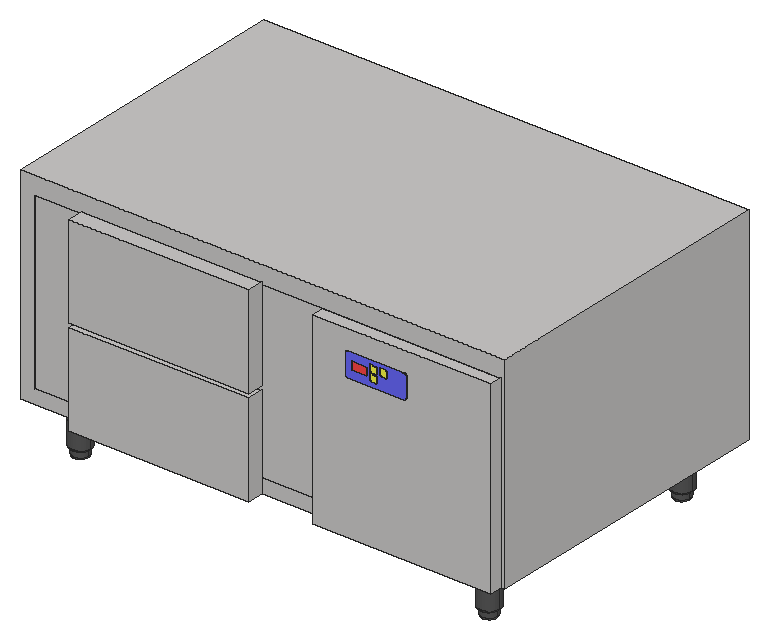
Revit family "QF_CAPIC_REF_W293115", category Equipement spécialisé, Revit 2018
Family settings
  Cote de connecteur circulaire = Utiliser le diamètre
  Type d'élément = Normal
  Numéro OmniClass = 23.40.40.14
  Titre OmniClass = Food Service Equipment
  Basée sur le plan de construction = Non
  Toujours verticalement = Oui
  Couper avec des vides une fois chargée = Non
  Partagée = Non
  Point de calcul de pièce = Non
Parameters (values of type "L=1200mm")
  URL catalogue = "http://www.capic-fr.com/fr/"
  Type de Raccord Plomberie [instance] = ""
  Type de Raccord Electrique [instance] = "Bornier interne"
  Type de Gaz = ""
  Type article [instance] = ""
  Tension = 230 V
  Spécification du Fabricant = ""
  Show Logo = yes
  Remarques evacuation [instance] = "ecoulement condensat sour le meuble"
  Remarques Plomberie [instance] = ""
  Remarques Electricité [instance] = "230V x1 +T"
  Puissance électrique  = 580 W
  Puissance Gaz kW = 0
  Profondeur hors tout = 755 mm
  Pression Maximum Eau Adoucie = 0.0 Pa
  Poids net à vide = 150.00 kg
  Phase = 1
  Modèle = "W293115"
  Longueur hors tout = 1200 mm
  Intensité nominale = 0 A
  Hauteur hors tout = 630 mm
  Hauteur de Raccordement du Sol Finis = 195 mm
  Hauteur de Raccordement Gaz du Sol Finis = 0 mm
  Hauteur de Raccordement Evacuation Directe du Sol Finis = 0 mm
  Hauteur de Raccordement Eau Froide du Sol Finis = 0 mm
  Hauteur de Raccordement Eau Chaude du Sol Finis = 0 mm
  Hauteur de Raccordement Eau Adoucie du Sol Finis = 0 mm
  Fréquence = 50 Hz
  Fabricant = "CAPIC"
  Débit d'air d'extraction = 0.0 m³/h
  Débit Gaz = 0.0 L/s
  Débit Eau Froide = 0.0 L/s
  Débit Eau Chaude = 0.0 L/s
  Débit Eau Adoucie = 0.0 L/s
  Diamètre de Raccordement Gaz = 0 mm
  Diamètre de Raccordement Evacuation = 20 mm
  Diamètre de Raccordement Eau Froide = 0 mm
  Diamètre de Raccordement Eau Chaude = 0 mm
  Diamètre de Raccordement Eau Adoucie = 0 mm
  Description = "2 tiroirs refigérés + groupe"
  Assembly Code = ""
  Classification  Omniclass nombre et titre = "23.40.40.14"
Reference planes
  plane 1 "Centre (avant/arrière)": y = 0
  plane 2: z = 0
  plane 3 "Centre (gauche/droite)": x = 0
  plane 4 "Centre G/E": y = 0
  plane 5: y = -838
  plane 6: x = 1200
  plane 7: x = 1198
  plane 8: x = 2
  plane 9: x = 1165
  plane 10: y = -818
  plane 11: x = 1158
  plane 12: y = -223
  plane 13: y = -820
  plane 14: z = 141
  plane 15: x = 42
  plane 16: x = 35
  plane 17: y = -182
  plane 18: z = 621
  plane 19: z = 120
  plane 20: y = -83
Forms (mm)
  Extrusion 1, solid, material "QF_Stainless Steel-Brushed"
    sketch origin (1480, 0, 0) x (1, 0, 0) y (0, 0, 1)
      loop
        line (-1480, 630) -> (-1480, 120) -> (-280, 120) -> (-280, 630) -> (-1480, 630)
    from 838 to 83
  Extrusion 2, void
    sketch origin (1480, 0, 0) x (1, 0, 0) y (0, 0, 1)
      loop
        line (-1445, 155.456) -> (-315, 155.456) -> (-315, 585.456) -> (-1445, 585.456) -> (-1445, 155.456)
    from 838 to 182
  Extrusion 3, void
    sketch origin (1480, 0, 0) x (1, 0, 0) y (0, 1, 0)
      loop
        line (-1445, -182) -> (-1445, -820) -> (-315, -820) -> (-315, -182) -> (-1445, -182)
    from 120 to 141
  Extrusion 4, solid, material "QF_Stainless Steel-Brushed"
    sketch origin (1480, -838, 0) x (1, 0, 0) y (0, 0, 1)
      loop
        line (-1445, 585.456) -> (-1445, 155.456) -> (-315, 155.456) -> (-315, 585.456) -> (-1445, 585.456)
    from 0 to -1
  Extrusion 5, solid, material "QF_Stainless Steel-Brushed"
    sketch origin (1480, -838, 0) x (1, 0, 0) y (0, 0, 1)
      loop
        line (-730, 585) -> (-730, 120) -> (-290, 120) -> (-290, 585) -> (-730, 585)
    from 0 to 30
  Extrusion 6, solid, material "QF_Stainless Steel-Brushed"
    sketch origin (1538.16, -838, 19.9) x (1, 0, 0) y (0, 0, 1)
      loop
        line (-1385.66, 570.1) -> (-1385.66, 340.1) -> (-940.66, 340.1) -> (-940.66, 570.1) -> (-1385.66, 570.1)
    from 0 to 40
  Extrusion 7, solid, material "QF_Stainless Steel-Brushed"
    sketch origin (1538.16, -838, -220.1) x (1, 0, 0) y (0, 0, 1)
      loop
        line (-1385.66, 570.1) -> (-1385.66, 340.1) -> (-940.66, 340.1) -> (-940.66, 570.1) -> (-1385.66, 570.1)
    from 0 to 40
Cuts and joins
  Extrusion 2, Extrusion 3 cuts Extrusion 1
Lines and regions (mm)
  model lines
    curve 1: line (320, -878, 570) -> (430, -878, 570)
    curve 2: line (320, -878, 515) -> (320, -878, 570)
    curve 3: line (430, -878, 515) -> (320, -878, 515)
    curve 4: line (430, -878, 570) -> (430, -878, 515)
    curve 5: line (423, -878, 563) -> (327, -878, 563)
    curve 6: line (327, -878, 563) -> (327, -878, 522)
    curve 7: line (423, -878, 522) -> (423, -878, 563)
    curve 8: line (327, -878, 522) -> (423, -878, 522)
    curve 9: line (320, -878, 330) -> (430, -878, 330)
    curve 10: line (320, -878, 275) -> (320, -878, 330)
    curve 11: line (430, -878, 275) -> (320, -878, 275)
    curve 12: line (430, -878, 330) -> (430, -878, 275)
    curve 13: line (423, -878, 323) -> (327, -878, 323)
    curve 14: line (327, -878, 323) -> (327, -878, 282)
    curve 15: line (423, -878, 282) -> (423, -878, 323)
    curve 16: line (327, -878, 282) -> (423, -878, 282)
    curve 17: line (770, -868, 361.312) -> (1170, -868, 361.312)
    curve 18: line (770, -868, 140) -> (770, -868, 361.312)
    curve 19: line (1170, -868, 140) -> (770, -868, 140)
    curve 20: line (1170, -868, 361.312) -> (1170, -868, 140)
    curve 21: line (770, -868, 346.312) -> (1170, -868, 346.312)
    curve 22: line (770, -868, 331.312) -> (1170, -868, 331.312)
    curve 23: line (770, -868, 316.312) -> (1170, -868, 316.312)
    curve 24: line (770, -868, 301.312) -> (1170, -868, 301.312)
    curve 25: line (770, -868, 286.312) -> (1170, -868, 286.312)
    curve 26: line (770, -868, 271.312) -> (1170, -868, 271.312)
    curve 27: line (770, -868, 256.312) -> (1170, -868, 256.312)
    curve 28: line (770, -868, 241.312) -> (1170, -868, 241.312)
    curve 29: line (770, -868, 226.312) -> (1170, -868, 226.312)
    curve 30: line (770, -868, 211.312) -> (1170, -868, 211.312)
    curve 31: line (770, -868, 196.312) -> (1170, -868, 196.312)
    curve 32: line (770, -868, 181.312) -> (1170, -868, 181.312)
    curve 33: line (770, -868, 166.312) -> (1170, -868, 166.312)
    curve 34: line (770, -868, 151.312) -> (1170, -868, 151.312)
Dimensions and locks
  locked: plane 9 to plane 6 at 35
  locked: plane 10 to plane 5 at 20
  "Profondeur hors tout": plane 5 to plane 20
  locked: plane 12 to plane 13 at 597
  locked: plane 7 to plane 6 at 2
  locked: plane 3 "Centre (gauche/droite)" to plane 8 at 2
  "Longueur hors tout": plane 3 "Centre (gauche/droite)" to plane 6
  locked: plane 3 "Centre (gauche/droite)" to plane 16 at 35
  locked: plane 13 to plane 5 at 18
  locked: plane 3 "Centre (gauche/droite)" to plane 15 at 42
  locked: plane 11 to plane 6 at 42
  locked: plane 17 to plane 5 at 656
  plane 14 to plane 19 to plane 2 = 21 mm locked, 120 mm locked
  locked: plane 20 to plane 4 "Centre G/E" at 83
  aligned and locked: level to plane 2
  aligned and locked: Extrusion 1 to Extrusion 2
  aligned and locked: cut or joined group of Extrusion 1, Extrusion 2, Extrusion 3 to plane 5
  aligned and locked: nested 1 to plane 14
  aligned and locked: nested 2 to plane 14
  aligned and locked: nested 2 to plane 13
  aligned and locked: nested 2 to plane 15
  aligned and locked: nested 1 to plane 15
  aligned and locked: nested 1 to plane 12
  aligned and locked: nested 3 to plane 11
  aligned and locked: nested 4 to plane 11
  aligned and locked: plane 13 to nested 4
  aligned and locked: Extrusion 3 to plane 13
  aligned and locked: plane 17 to cut or joined group of Extrusion 1, Extrusion 2, Extrusion 3
  aligned and locked: plane 12 to nested 3
  aligned and locked: cut or joined group of Extrusion 1, Extrusion 2, Extrusion 3 to plane 17
  aligned and locked: plane 20 to cut or joined group of Extrusion 1, Extrusion 2, Extrusion 3
  aligned and locked: plane 16 to Extrusion 4 sketch curve
  aligned and locked: plane 19 to Extrusion 5 sketch curve
Automatic sketch dimensions
  Extrusion 1 sketch curve to plane 3 "Centre (gauche/droite)" = 0 mm
  Extrusion 1 sketch curve to plane 6 = 0 mm
  Extrusion 1 sketch curve to plane 19 = 0 mm
  plane 18 to Extrusion 1 sketch curve = 9 mm
  Extrusion 2 sketch curve to plane 16 = 0 mm
  Extrusion 2 sketch curve to plane 9 = 0 mm
  Extrusion 2 sketch curve to plane 14 = 14.456 mm
  Extrusion 2 sketch curve to plane 18 = 35.544 mm
  Extrusion 3 sketch curve to plane 13 = 0 mm
  Extrusion 3 sketch curve to plane 16 = 0 mm
  Extrusion 3 sketch curve to plane 9 = 0 mm
  Extrusion 3 sketch curve to plane 17 = 0 mm
  Extrusion 4 sketch curve to Extrusion 1 = 35 mm
  Extrusion 4 sketch curve to Extrusion 1 = 35.456 mm
  Extrusion 4 sketch curve to Extrusion 1 = 44.544 mm
  Extrusion 5 sketch curve to Extrusion 4 = 415 mm
  Extrusion 4 to Extrusion 5 sketch curve = 25 mm
  Extrusion 5 sketch curve to Extrusion 4 = 0.456 mm
  Extrusion 6 sketch curve to Extrusion 1 = 152.5 mm
  Extrusion 6 sketch curve to Extrusion 6 sketch curve = 445 mm
  Extrusion 6 sketch curve to Extrusion 1 = 240 mm
  Extrusion 6 sketch curve to Extrusion 1 = 40 mm
  curve 1 to Extrusion 6 = 20 mm
  curve 1 to Extrusion 6 = 167.5 mm
  curve 2 to curve 8 = 7 mm
  curve 5 to Extrusion 6 = 27 mm
  curve 5 to curve 5 = 96 mm
  curve 7 to curve 3 = 7 mm
  curve 6 to curve 5 = 41 mm
  curve 3 to curve 6 = 7 mm
  Extrusion 7 sketch curve to Extrusion 1 = 0 mm
  Extrusion 7 sketch curve to Extrusion 1 = 152.5 mm
  Extrusion 7 sketch curve to Extrusion 7 sketch curve = 445 mm
  Extrusion 7 sketch curve to Extrusion 7 sketch curve = 230 mm
  curve 9 to Extrusion 7 = 20 mm
  curve 9 to Extrusion 7 = 167.5 mm
  curve 10 to curve 16 = 7 mm
  curve 13 to Extrusion 7 = 27 mm
  curve 13 to curve 13 = 96 mm
  curve 15 to curve 11 = 7 mm
  curve 14 to curve 13 = 41 mm
  curve 11 to curve 14 = 7 mm
  curve 17 to Extrusion 5 = 20 mm
  curve 20 to Extrusion 5 = 20 mm
  curve 19 to Extrusion 5 = 20 mm
  curve 18 to curve 18 = 221.312 mm
  curve 19 to curve 34 = 11.312 mm
  curve 34 to curve 33 = 15 mm
  curve 33 to curve 32 = 15 mm
  curve 32 to curve 31 = 15 mm
  curve 31 to curve 30 = 15 mm
  curve 30 to curve 29 = 15 mm
  curve 29 to curve 28 = 15 mm
  curve 28 to curve 27 = 15 mm
  curve 27 to curve 26 = 15 mm
  curve 26 to curve 25 = 15 mm
  curve 25 to curve 24 = 15 mm
  curve 24 to curve 23 = 15 mm
  curve 23 to curve 22 = 15 mm
  curve 21 to curve 17 = 15 mm
Nested families
  nested 1: "QF_Details_Pied" at (93.5, -223, 0), type "QF_Details_Pied"
  nested 2: "QF_Details_Pied" at (93.5, -820, 0), type "QF_Details_Pied"
  nested 3: "QF_Details_Pied" at (1106.5, -223, 0), type "QF_Details_Pied"
  nested 4: "QF_Details_Pied" at (1106.5, -820, 0), type "QF_Details_Pied"
  nested 5: "QF_Details_CarteCdeDroit" at (830, -11, -240), type "QF_Details_CarteCdeDroit"
Connectors
  piping at (353, -553, 141), diameter 20
    settings: on Extrusion 3, index 1, connector inside diameter 609.6 mm, connector length 0 mm, flow factor 0, pipe flow 0.0 L/s, pressure drop 0.0 Pa, fitting loss kfactor 0, connector angle 0.00°, fixture units 0, engagement length 0 mm, angle of deflection 0.00°, flow configuration 0, flow direction 0, fitting loss method 0, system type 16, joint type 0, gender type 0, connector reference index -1, connector utility 0, adjustable connector no, is connector primary yes, connector description ""
  electrical at (788, -83, 195), driven by "Puissance électrique ", driven by "Tension"
    settings: on plane 20, index 2, voltage 230 V, apparent load 0.58 kW, apparent load phase1 0 kW, apparent load phase2 0 kW, apparent load phase3 0 kW, power factor 1, load classification "Autre", number of poles 2, system type 30, power factor state 1, is connector primary yes, connector utility no, sub classification motor no, connector description ""
Definition of nested family "QF_Details_Pied"
  Reference planes
    plane 1 "Centre (avant/arrière)": y = 0
    plane 2: z = 0
    plane 3 "Centre (gauche/droite)": x = 0
  Forms (mm)
    Extrusion 1, solid
      sketch origin (-137.492, 51.5, -340.756) x (1, 0, 0) y (0, 0, 1)
        loop
          line (85.992, 481.756) -> (85.992, 472.756) -> (188.992, 472.756) -> (188.992, 481.756) -> (85.992, 481.756)
      from -51.5 to 51.5
    Revolve 2, solid
      sketch origin (0, 51.5, -9) x (1, 0, 0) y (0, 0, 1)
        loop
          line (0, 141) -> (0, 9) -> (19.21, 9) -> (19.21, 13) -> (20.21, 13) -> (20.21, 26) -> (21.71, 26) -> (26.66, 30.95) -> (26.66, 90.95) -> (31.468, 136.698) -> (36.246, 141) -> (0, 141)
        axis (0, 141) -> (0, 9)
      angle from 0 to 360
  Dimensions and locks
    aligned and locked: level to plane 2
    aligned and locked: Extrusion 1 to Revolve 2 sketch curve
Definition of nested family "QF_Details_CarteCdeDroit"
  Reference planes
    plane 1 "Centre (avant/arrière)": y = 0
    plane 2: z = 0
    plane 3 "Centre (gauche/droite)": x = 0
  Forms (mm)
    Extrusion 1, solid
      sketch origin (0, -857, -12.998) x (1, 0, 0) y (0, 0, 1)
        loop
          arc (7, 787.388) -> (2.05, 785.338) -> (0, 780.388) r 7
          line (0, 780.388) -> (0, 735.388)
          arc (0, 735.388) -> (2.05, 730.439) -> (7, 728.388) r 7
          line (7, 728.388) -> (145, 728.388)
          arc (145, 728.388) -> (149.95, 730.439) -> (152, 735.388) r 7
          line (152, 735.388) -> (152, 780.388)
          arc (152, 780.388) -> (149.95, 785.338) -> (145, 787.388) r 7
          line (145, 787.388) -> (7, 787.388)
        loop
          line (15, 767.388) -> (15, 748.388) -> (54, 748.388) -> (54, 767.388) -> (15, 767.388)
        loop
          line (74, 776.917) -> (61, 776.917) -> (61, 763.917)
          arc (61, 763.917) -> (62.172, 761.089) -> (65, 759.917) r 4
          line (65, 759.917) -> (78, 759.917) -> (78, 772.917)
          arc (78, 772.917) -> (76.828, 775.745) -> (74, 776.917) r 4
        loop
          line (99, 776.917) -> (86, 776.917) -> (86, 763.917)
          arc (86, 763.917) -> (87.172, 761.089) -> (90, 759.917) r 4
          line (90, 759.917) -> (103, 759.917) -> (103, 772.917)
          arc (103, 772.917) -> (101.828, 775.745) -> (99, 776.917) r 4
        loop
          line (74, 756.917) -> (61, 756.917) -> (61, 743.917)
          arc (61, 743.917) -> (62.172, 741.089) -> (65, 739.917) r 4
          line (65, 739.917) -> (78, 739.917) -> (78, 752.917)
          arc (78, 752.917) -> (76.828, 755.745) -> (74, 756.917) r 4
      from 0 to 0.5
    Extrusion 2, solid
      sketch origin (0, -857, 0) x (1, 0, 0) y (0, 0, 1)
        loop
          line (15, 754.391) -> (15, 735.391) -> (54, 735.391) -> (54, 754.391) -> (15, 754.391)
      from 0 to 0.5
    Extrusion 3, solid
      sketch origin (0, -857, 0) x (1, 0, 0) y (0, 0, 1)
        loop
          line (61, 763.919) -> (61, 750.919)
          arc (61, 750.919) -> (62.172, 748.091) -> (65, 746.919) r 4
          line (65, 746.919) -> (78, 746.919) -> (78, 759.919)
          arc (78, 759.919) -> (76.828, 762.748) -> (74, 763.919) r 4
          line (74, 763.919) -> (61, 763.919)
      from 0 to 0.5
    Extrusion 4, solid
      sketch origin (0, -857, -20) x (1, 0, 0) y (0, 0, 1)
        loop
          line (61, 763.919) -> (61, 750.919)
          arc (61, 750.919) -> (62.172, 748.091) -> (65, 746.919) r 4
          line (65, 746.919) -> (78, 746.919) -> (78, 759.919)
          arc (78, 759.919) -> (76.828, 762.748) -> (74, 763.919) r 4
          line (74, 763.919) -> (61, 763.919)
      from 0 to 0.5
    Extrusion 5, solid
      sketch origin (25, -857, 0) x (1, 0, 0) y (0, 0, 1)
        loop
          line (61, 763.919) -> (61, 750.919)
          arc (61, 750.919) -> (62.172, 748.091) -> (65, 746.919) r 4
          line (65, 746.919) -> (78, 746.919) -> (78, 759.919)
          arc (78, 759.919) -> (76.828, 762.748) -> (74, 763.919) r 4
          line (74, 763.919) -> (61, 763.919)
      from 0 to 0.5
  Dimensions and locks
    aligned and locked: level to plane 2
